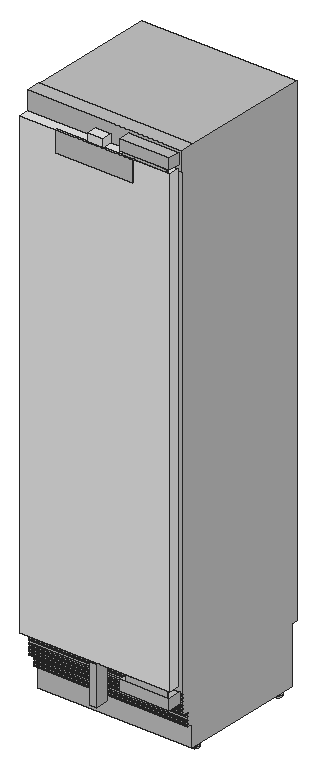
Revit family "FP_Revit_18_RS2484SRHK1_Fridge_90001063A", category Specialty Equipment, Revit 2018
Family settings
  Round Connector Dimension = Use Diameter
  Part Type = Normal
  OmniClass Number = 23.40.40.11.11
  OmniClass Title = Refrigerators and Freezers
  Work Plane-Based = No
  Always vertical = Yes
  Cut with Voids When Loaded = Yes
  Shared = No
  Room Calculation Point = No
Parameters (values of type "RS2484SRK1")
  Visibility - Water Connection = no
  Visibility - Visibility Control Note = yes
  Visibility - Clearance Required = yes
  URL = "www.fisherpaykel.com"
  Stainless Steel Door Panels (RD2484R4D) = no
  Product - Width = 603 mm  # constant formula
  Product - Height = 2134 mm  # constant formula
  Product - Depth (exl front panel) = 610 mm  # constant formula
  Model = "RS2484SRK1"
  Material - Handle = Fisher & Paykel - Aluminium
  Material - Door Structure = Fisher & Paykel - White
  Material - Door Front = Fisher & Paykel - Stainless Steel
  Material - Body = Fisher & Paykel - Grey
  Manufacturer = "Fisher & Paykel Appliances"
  Handle Style - Professional Square (AHV2-RD84) = no
  Handle Style - Professional Round (AHC-RD84) = no
  Handle Style - Contemporary Square (AHD3-RD84) = no
  Handle Style - Contemporary Round (AHS-RD84) = no
  Description = "24\" Integrated Column Refrigerator with stainless steel interior"
  Connector Description - Water = "Water Supply not required"
  Connector Description - Electrical = "120 V, 10 amp fused electrical supply"
  Cavity - Width = 610 mm  # constant formula
  Cavity - Height = 2134 mm  # constant formula
  Cavity - Depth = 635 mm  # constant formula
Types (4, lengths in mm): name | Visibility - Water Connection | Model | Description | Connector Description - Water
  (no name) | no | "RS2484SRK1" | "24\" Integrated Column Refrigerator with stainless steel interior" | "Water Supply not required"
  RS2484SRHK1 | yes | "RS2484SRHK1" | "24\" Integrated Column Refrigerator with internal water, stainless steel interior" | "1/4\" (6mm) comp. stainless steel braided hose"
  RS2484SR1 | no | "RS2484SR1" | "24\" Integrated Column Refrigerator" | "Water Supply not required"
  RS2484SRK1 | no | "RS2484SRK1" | "24\" Integrated Column Refrigerator with stainless steel interior" | "Water Supply not required"
Reference planes
  plane 1 "Datum": y = 0
  plane 2: z = 0
  plane 3 "Center (Left/Right)": x = 0
  plane 4 "Product LHS": x = -301.5
  plane 5 "Product RHS": x = 301.5
  plane 6 "Product - Depth": y = 610
  plane 7 "Cavity LHS": x = -305
  plane 8 "Cavity RHS": x = 305
  plane 9 "Cavity - Depth": y = 612.9
  plane 10 "Handle Offset": x = -238.5
  plane 11 "Product Height": z = 2134
  plane 12 "Cavity Height": z = 2134
  plane 13 "Door Panel Datum": y = -4.1
Forms (mm)
  Extrusion 1, solid, material "Fisher & Paykel - Grey" <- "Material - Body", detail levels fine
    sketch origin (0, 0, 0) x (0, 1, 0) y (0, 0, 1)
      loop
        line (100.1, 19.1) -> (587.9, 19.1) -> (587.9, 239.7) -> (610, 239.7) -> (610, 2131.9) -> (105.1, 2131.9) -> (105.1, 2134) -> (49.9, 2134) -> (49.9, 2059) -> (56, 2059) -> (56, 228.6) -> (59.5, 228.6) -> (59.5, 219.7) -> (56.5, 219.7) -> (56.5, 215.9) -> (59.5, 215.9) -> (59.5, 207) -> (56.5, 207) -> (56.5, 203.2) -> (59.5, 203.2) -> (59.5, 194.3) -> (56.5, 194.3) -> (56.5, 190.5) -> (59.5, 190.5) -> (59.5, 181.6) -> (56.5, 181.6) -> (56.5, 177.8) -> (59.5, 177.8) -> (59.5, 168.9) -> (56.5, 168.9) -> (56.5, 165.1) -> (59.5, 165.1) -> (59.5, 156.2) -> (56.5, 156.2) -> (56.5, 152.4) -> (84.1, 152.4) -> (84.1, 143.5) -> (81.1, 143.5) -> (81.1, 139.7) -> (84.1, 139.7) -> (84.1, 130.8) -> (81.1, 130.8) -> (81.1, 127) -> (84.1, 127) -> (84.1, 118.1) -> (81.1, 118.1) -> (81.1, 114.3) -> (84.1, 114.3) -> (84.1, 105.4) -> (81.1, 105.4) -> (81.1, 101.6) -> (100.1, 101.6) -> (100.1, 19.1)
    from -301.5 to 301.5
  Extrusion 2, solid, material "Fisher & Paykel - Grey" <- "Material - Body"
    sketch origin (0, 0, 0) x (1, 0, 0) y (0, 1, 0)
      loop
        circle (-281, 547.8) r 4.1
      loop
        circle (-281, 141.8) r 4.1
      loop
        circle (281, 547.8) r 4.1
      loop
        circle (281, 141.8) r 4.1
    from 3 to 19.1
  Extrusion 3, solid, material "Fisher & Paykel - Grey" <- "Material - Body"
    sketch origin (0, 0, 0) x (1, 0, 0) y (0, 1, 0)
      loop
        circle (-281, 547.8) r 14.5
      loop
        circle (-281, 141.8) r 14.555
      loop
        circle (281, 547.8) r 14.5
      loop
        circle (281, 141.8) r 14.555
    from 0 to 3
  Extrusion 4, solid, material "Fisher & Paykel - Grey" <- "Material - Body", detail levels fine
    sketch origin (0, 0, 0) x (1, 0, 0) y (0, 1, 0)
      loop
        line (-7.5, 49) -> (-13.797, -4.1) -> (13.797, -4.1) -> (7.5, 49) -> (-7.5, 49)
    from 104.2 to 254.2
  Extrusion 5, solid, material "Fisher & Paykel - Grey" <- "Material - Body", detail levels fine
    sketch origin (0, 0, 0) x (1, 0, 0) y (0, 0, 1)
      loop
        line (289.9, 2123.15) -> (95.42, 2123.15) -> (95.42, 2081.05) -> (289.9, 2081.05) -> (289.9, 2123.15)
    from -49 to -2.5
  Extrusion 6, solid, material "Fisher & Paykel - Grey" <- "Material - Body", detail levels fine
    sketch origin (0, 0, 0) x (0, 1, 0) y (0, 0, 1)
      loop
        line (0, 2070.6) -> (0, 1988.6) -> (2, 1988.6) -> (2, 2068.6) -> (4, 2068.6) -> (4, 2070.6) -> (0, 2070.6)
    from -150 to 150
  Extrusion 7, solid, material "Fisher & Paykel - Grey" <- "Material - Body"
    sketch origin (0, 0, 0) x (1, 0, 0) y (0, 0, 1)
      loop
        circle (226.5, 119.813) r 5
      loop
        circle (-226.5, 119.813) r 5
    from -590 to -587.9
  Extrusion 8, solid, material "Fisher & Paykel - White" <- "Material - Door Structure"
    sketch origin (0, 0, 0) x (1, 0, 0) y (0, 1, 0)
      loop
        line (-276.5, 56) -> (-276.5, 42) -> (276.5, 42) -> (276.5, 56) -> (-276.5, 56)
    from 269.6 to 2030.7
  Extrusion 9, solid, material "Fisher & Paykel - White" <- "Material - Door Structure"
    sketch origin (0, 0, 0) x (1, 0, 0) y (0, 1, 0)
      loop
        line (-292.9, 42) -> (-292.9, 3) -> (292.9, 3) -> (292.9, 42) -> (-292.9, 42)
    from 254.2 to 2068.6
  Extrusion 10, solid, material "Fisher & Paykel - White" <- "Material - Door Structure", detail levels fine
    sketch origin (0, 0, 0) x (1, 0, 0) y (0, 0, 1)
      loop
        line (-29.5, 2100.1) -> (-29.5, 2068.6) -> (29.5, 2068.6) -> (29.5, 2100.1) -> (-29.5, 2100.1)
    from -42 to -3
  Extrusion 11, solid, material "Fisher & Paykel - Stainless Steel" <- "Material - Door Front", visible <- "Stainless Steel Door Panels (RD2484R4D)"
    sketch origin (0, 0, 0) x (0, 1, 0) y (0, 0, 1)
      loop
        line (-22.1, 2130.8) -> (-22.1, 102) -> (-4.1, 102) -> (-4.1, 2130.8) -> (-22.1, 2130.8)
    from -301.5 to 301.5
  Extrusion 12, solid, material "Fisher & Paykel - Grey" <- "Material - Body", detail levels coarse+medium
    sketch origin (0, 0, 0) x (0, 1, 0) y (0, 0, 1)
      loop
        line (49.9, 2134) -> (49.9, 2059) -> (56, 2059) -> (56, 152.4) -> (81.1, 152.4) -> (81.1, 101.6) -> (100.1, 101.6) -> (100.1, 19.1) -> (587.9, 19.1) -> (587.9, 239.7) -> (610, 239.7) -> (610, 2134) -> (49.9, 2134)
    from -301.5 to 301.5
  Extrusion 13, solid, material "Fisher & Paykel - Clearance Required", visible <- "Visibility - Clearance Required", detail levels coarse
    sketch origin (0, 0, 0) x (1, 0, 0) y (0, 1, 0)
      loop
        arc (-301.5, -22.1) -> (-13.376, -547.171) -> (584.28, -586.183) r 622.5
        line (584.28, -586.183) -> (565.051, -544.946) -> (589.549, -533.523)
        arc (589.549, -533.523) -> (598.013, -510.267) -> (574.757, -501.802) r 17.5
        line (574.757, -501.802) -> (550.259, -513.225) -> (329.441, -39.678)
        arc (329.441, -39.678) -> (310.616, -38.605) -> (301.5, -22.1) r 19.5
        line (301.5, -22.1) -> (-301.5, -22.1)
    from 0 to 2134
  Extrusion 14, solid, material "Fisher & Paykel - Grey" <- "Material - Body", detail levels fine
    sketch origin (0, 0, 0) x (1, 0, 0) y (0, 0, 1)
      loop
        line (289.9, 187.65) -> (289.9, 229.75) -> (95.42, 229.75) -> (95.42, 187.65) -> (289.9, 187.65)
    from -56 to -2.5
  Extrusion 15, solid, material "Fisher & Paykel - Grey" <- "Material - Body", detail levels fine
    sketch origin (0, 0, -4) x (0, 1, 0) y (0, 0, 1)
      loop
        arc (163.888, 23.1) -> (180.4, 13.63) -> (196.912, 23.1) r 19.13
        line (196.912, 23.1) -> (163.888, 23.1)
      loop
        arc (493.888, 23.1) -> (510.4, 13.63) -> (526.912, 23.1) r 19.13
        line (526.912, 23.1) -> (493.888, 23.1)
    from 191 to 219
  Extrusion 16, solid, material "Fisher & Paykel - Grey" <- "Material - Body", detail levels fine
    sketch origin (0, 0, -4) x (0, 1, 0) y (0, 0, -1)
      loop
        line (163.888, -23.1) -> (196.912, -23.1)
        arc (196.912, -23.1) -> (180.4, -13.63) -> (163.888, -23.1) r 19.13
      loop
        line (493.888, -23.1) -> (526.912, -23.1)
        arc (526.912, -23.1) -> (510.4, -13.63) -> (493.888, -23.1) r 19.13
    from 191 to 219
  Extrusion 17, solid, material "Fisher & Paykel - Clearance Required", visible <- "Visibility - Clearance Required", detail levels coarse
    sketch origin (0, 0, 0) x (1, 0, 0) y (0, 1, 0)
      loop
        line (-305, 612.9) -> (-305, -4.1) -> (305, -4.1) -> (305, 612.9) -> (-305, 612.9)
    from 0 to 2134
  Extrusion 18, void
    sketch origin (0, 0, 0) x (1, 0, 0) y (0, 1, 0)
      loop
        line (-305, 612.9) -> (-305, -22.1) -> (305, -22.1) -> (305, 612.9) -> (-305, 612.9)
    from 0 to 2134
  Extrusion 19, solid, material "Fisher & Paykel - Grey" <- "Material - Body", detail levels fine
    sketch origin (0, 0, 0) x (1, 0, 0) y (0, 0, 1)
      loop
        line (118.4, 254.2) -> (118.4, 229.75) -> (282.9, 229.75) -> (282.9, 254.2) -> (118.4, 254.2)
      loop
        line (106, 2081.05) -> (106, 2068.6) -> (282.9, 2068.6) -> (282.9, 2076.05) -> (242.9, 2081.05) -> (106, 2081.05)
    from -7 to -4
Lines and regions (mm)
  model lines, style "Fisher & Paykel"
    curve 1: line (-301.5, -4.1, 2130.8) -> (301.5, -4.1, 2130.8)
    curve 2: line (-301.5, -4.1, 102) -> (-301.5, -4.1, 2130.8)
    curve 3: line (301.5, -4.1, 102) -> (-301.5, -4.1, 102)
    curve 4: line (301.5, -4.1, 2130.8) -> (301.5, -4.1, 102)
Text (mm)
  text "Due to ongoing product development, product details are subject to change without notice. \nPlease always refer to www.fisherpaykel.com for the most current product information. \n© Fisher & Paykel 2020" at (41.04, -678.295, 0), in view "Ref. Level (Plan)"
Dimensions and locks
  equal spacing: plane 4 "Product LHS", plane 3 "Center (Left/Right)", plane 5 "Product RHS"
  "Product - Width": plane 4 "Product LHS" to plane 5 "Product RHS"
  "Product - Depth (exl front panel)": plane 1 "Datum" to plane 6 "Product - Depth"
  equal spacing: plane 7 "Cavity LHS", plane 3 "Center (Left/Right)", plane 8 "Cavity RHS"
  "Cavity - Width": plane 7 "Cavity LHS" to plane 8 "Cavity RHS"
  plane 4 "Product LHS" to Extrusion 2 sketch curve = 24.6 mm
  plane 4 "Product LHS" to plane 10 "Handle Offset" = 63 mm
  Extrusion 7 sketch curve to Extrusion 1 = 119.887 mm  (x2)
  Extrusion 7 sketch curve to plane 5 "Product RHS" = 75 mm
  plane 4 "Product LHS" to Extrusion 7 sketch curve = 75 mm
  Extrusion 1 sketch curve to Extrusion 1 sketch curve = 82.5 mm
  Extrusion 1 sketch curve to Extrusion 1 sketch curve = 209.5 mm
  Extrusion 3 to level = 3 mm
  Extrusion 12 to Extrusion 9 = 235.1 mm
  Extrusion 12 to Extrusion 8 = 250.5 mm
  Extrusion 12 to Extrusion 12 = 2114.9 mm
  Extrusion 12 to Extrusion 11 = 82.9 mm
  "Product - Height": level to plane 11 "Product Height"
  plane 11 "Product Height" to Extrusion 11 = 3.2 mm
  Extrusion 9 to plane 11 "Product Height" = 65.4 mm
  Extrusion 8 to plane 11 "Product Height" = 103.3 mm
  Extrusion 12 sketch curve to plane 11 "Product Height" = 75 mm
  Extrusion 1 sketch curve to plane 11 "Product Height" = 2.1 mm
  Extrusion 1 sketch curve to plane 11 "Product Height" = 75 mm
  "Cavity - Height": plane 12 "Cavity Height" to level
  plane 1 "Datum" to Extrusion 17 = 612.9 mm
  plane 1 "Datum" to Extrusion 18 = 612.9 mm
  Extrusion 19 sketch curve to Extrusion 19 sketch curve = 40 mm
  Extrusion 19 sketch curve to plane 3 "Center (Left/Right)" = 106 mm
  Extrusion 19 sketch curve to Extrusion 19 sketch curve = 176.9 mm
  Extrusion 19 sketch curve to plane 3 "Center (Left/Right)" = 118.4 mm
  plane 3 "Center (Left/Right)" to Extrusion 19 sketch curve = 282.9 mm
  Extrusion 18 to plane 1 "Datum" = 22.1 mm
  "Cavity - Depth": plane 9 "Cavity - Depth" to Extrusion 18
  radius of Extrusion 7 sketch curve = 5 mm
  aligned and locked: level to plane 2
  aligned and locked: Extrusion 11 to plane 5 "Product RHS"
  aligned and locked: plane 4 "Product LHS" to Extrusion 11
  aligned and locked: Extrusion 12 to plane 5 "Product RHS"
  aligned and locked: Extrusion 12 to plane 4 "Product LHS"
  aligned and locked: Extrusion 12 sketch curve to plane 11 "Product Height"
  aligned and locked: plane 11 "Product Height" to Extrusion 1 sketch curve
  aligned and locked: Extrusion 15 sketch curve to Extrusion 15 sketch curve
  aligned and locked: Extrusion 16 sketch curve to Extrusion 16 sketch curve
  aligned and locked: Extrusion 17 to Extrusion 13
  aligned and locked: Extrusion 18 to Extrusion 13
  aligned and locked: Extrusion 1 to plane 5 "Product RHS"
  aligned and locked: plane 4 "Product LHS" to Extrusion 1
  aligned and locked: Extrusion 2 to Extrusion 1
  aligned and locked: nested 5 to plane 10 "Handle Offset"
  aligned and locked: nested 4 to plane 10 "Handle Offset"
  aligned and locked: nested 3 to plane 10 "Handle Offset"
  aligned and locked: nested 2 to plane 10 "Handle Offset"
Automatic sketch dimensions
  Extrusion 2 sketch curve to plane 4 "Product LHS" = 20.5 mm  (x2)
  plane 5 "Product RHS" to Extrusion 2 sketch curve = 20.5 mm  (x2)
  Extrusion 2 sketch curve to plane 1 "Datum" = 141.8 mm  (x2)
  Extrusion 2 sketch curve to plane 6 "Product - Depth" = 62.2 mm  (x2)
  Extrusion 3 sketch curve to plane 4 "Product LHS" = 20.5 mm  (x2)
  plane 5 "Product RHS" to Extrusion 3 sketch curve = 20.5 mm  (x2)
  Extrusion 3 sketch curve to plane 1 "Datum" = 141.8 mm  (x2)
  Extrusion 3 sketch curve to plane 6 "Product - Depth" = 62.2 mm  (x2)
  plane 1 "Datum" to Extrusion 4 sketch curve = 4.1 mm
  Extrusion 4 sketch curve to plane 3 "Center (Left/Right)" = 13.797 mm
  Extrusion 4 sketch curve to plane 3 "Center (Left/Right)" = 7.5 mm
  plane 3 "Center (Left/Right)" to Extrusion 4 sketch curve = 7.5 mm
  plane 3 "Center (Left/Right)" to Extrusion 4 sketch curve = 13.797 mm
  Extrusion 4 sketch curve to plane 1 "Datum" = 49 mm
  plane 11 "Product Height" to Extrusion 5 sketch curve = 10.85 mm
  plane 3 "Center (Left/Right)" to Extrusion 5 sketch curve = 95.42 mm
  plane 5 "Product RHS" to Extrusion 5 sketch curve = 11.6 mm
  Extrusion 5 sketch curve to Extrusion 5 sketch curve = 42.1 mm
  Extrusion 6 sketch curve to plane 1 "Datum" = 0 mm
  Extrusion 6 sketch curve to plane 1 "Datum" = 2 mm
  Extrusion 6 sketch curve to Extrusion 6 sketch curve = 2 mm  (x2)
  plane 11 "Product Height" to Extrusion 6 sketch curve = 145.4 mm
  plane 11 "Product Height" to Extrusion 6 sketch curve = 65.4 mm
  Extrusion 8 sketch curve to plane 4 "Product LHS" = 25 mm
  plane 5 "Product RHS" to Extrusion 8 sketch curve = 25 mm
  Extrusion 8 sketch curve to plane 1 "Datum" = 42 mm
  Extrusion 8 sketch curve to Extrusion 8 sketch curve = 14 mm
  Extrusion 9 sketch curve to plane 1 "Datum" = 3 mm
  Extrusion 9 sketch curve to plane 4 "Product LHS" = 8.6 mm
  plane 5 "Product RHS" to Extrusion 9 sketch curve = 8.6 mm
  Extrusion 9 sketch curve to Extrusion 9 sketch curve = 39 mm
  Extrusion 10 sketch curve to plane 3 "Center (Left/Right)" = 29.5 mm
  plane 3 "Center (Left/Right)" to Extrusion 10 sketch curve = 29.5 mm
  plane 11 "Product Height" to Extrusion 10 sketch curve = 65.4 mm
  Extrusion 10 sketch curve to Extrusion 10 sketch curve = 31.5 mm
  plane 1 "Datum" to Extrusion 11 sketch curve = 22.1 mm
  plane 1 "Datum" to Extrusion 11 sketch curve = 4.1 mm
  level to Extrusion 11 sketch curve = 102 mm
  plane 11 "Product Height" to Extrusion 11 sketch curve = 3.2 mm
  Extrusion 13 sketch curve to Extrusion 13 sketch curve = 0 mm  (x2)
  Extrusion 13 sketch curve to plane 4 "Product LHS" = 0 mm
  Extrusion 13 sketch curve to plane 5 "Product RHS" = 0 mm
  Extrusion 13 sketch curve to plane 8 "Cavity RHS" = 16 mm
  Extrusion 13 sketch curve to Extrusion 13 sketch curve = 8.441 mm
  Extrusion 13 sketch curve to plane 8 "Cavity RHS" = 245.259 mm
  Extrusion 13 sketch curve to Extrusion 13 sketch curve = 14.792 mm
  Extrusion 13 sketch curve to Extrusion 13 sketch curve = 24.498 mm
  Extrusion 13 sketch curve to Extrusion 13 sketch curve = 7.396 mm  (x2)
  Extrusion 13 sketch curve to Extrusion 13 sketch curve = 19.229 mm
  plane 1 "Datum" to Extrusion 13 sketch curve = 586.183 mm
  Extrusion 13 sketch curve to Extrusion 13 sketch curve = 41.237 mm
  Extrusion 13 sketch curve to Extrusion 13 sketch curve = 15.86 mm
  plane 3 "Center (Left/Right)" to Extrusion 14 sketch curve = 95.42 mm
  plane 5 "Product RHS" to Extrusion 14 sketch curve = 11.6 mm
  level to Extrusion 14 sketch curve = 187.65 mm
  Extrusion 14 sketch curve to Extrusion 14 sketch curve = 42.1 mm
  Extrusion 15 sketch curve to plane 1 "Datum" = 163.888 mm
  Extrusion 15 sketch curve to Extrusion 15 sketch curve = 16.512 mm  (x2)
  Extrusion 15 sketch curve to plane 6 "Product - Depth" = 116.112 mm
  Extrusion 15 sketch curve to Extrusion 15 sketch curve = 9.66 mm  (x2)
  Extrusion 16 sketch curve to plane 1 "Datum" = 163.888 mm
  Extrusion 16 sketch curve to Extrusion 16 sketch curve = 16.512 mm  (x2)
  Extrusion 16 sketch curve to plane 6 "Product - Depth" = 116.112 mm
  Extrusion 16 sketch curve to Extrusion 16 sketch curve = 9.66 mm  (x2)
  Extrusion 17 sketch curve to plane 7 "Cavity LHS" = 0 mm
  Extrusion 17 sketch curve to plane 8 "Cavity RHS" = 0 mm
  Extrusion 17 sketch curve to plane 9 "Cavity - Depth" = 0 mm
  plane 1 "Datum" to Extrusion 17 sketch curve = 4.1 mm
  Extrusion 18 sketch curve to plane 7 "Cavity LHS" = 0 mm
  Extrusion 18 sketch curve to plane 8 "Cavity RHS" = 0 mm
  plane 9 "Cavity - Depth" to Extrusion 18 sketch curve = 0 mm
  plane 1 "Datum" to Extrusion 18 sketch curve = 22.1 mm
  level to Extrusion 19 sketch curve = 229.75 mm
  Extrusion 19 sketch curve to Extrusion 19 sketch curve = 24.45 mm
  plane 11 "Product Height" to Extrusion 19 sketch curve = 65.4 mm
  Extrusion 19 sketch curve to Extrusion 19 sketch curve = 7.45 mm
  Extrusion 19 sketch curve to Extrusion 19 sketch curve = 5 mm
  Extrusion 12 sketch curve to plane 6 "Product - Depth" = 0 mm
  Extrusion 12 sketch curve to plane 6 "Product - Depth" = 22.1 mm
  Extrusion 12 sketch curve to plane 1 "Datum" = 100.1 mm
  Extrusion 12 sketch curve to Extrusion 12 sketch curve = 19 mm
  Extrusion 12 sketch curve to plane 1 "Datum" = 56 mm
  Extrusion 12 sketch curve to plane 1 "Datum" = 49.9 mm
  level to Extrusion 12 sketch curve = 152.4 mm
  Extrusion 12 sketch curve to Extrusion 12 sketch curve = 50.8 mm
  level to Extrusion 12 sketch curve = 19.1 mm
  Extrusion 12 sketch curve to Extrusion 12 sketch curve = 220.6 mm
  level to Extrusion 15 sketch curve = 19.1 mm
  level to Extrusion 16 sketch curve = 28.76 mm
  Extrusion 1 sketch curve to plane 6 "Product - Depth" = 0 mm
  Extrusion 1 sketch curve to Extrusion 1 sketch curve = 22.1 mm
  Extrusion 1 sketch curve to plane 1 "Datum" = 105.1 mm
  level to Extrusion 1 sketch curve = 19.1 mm
  Extrusion 1 sketch curve to plane 1 "Datum" = 100.1 mm
  Extrusion 1 sketch curve to Extrusion 1 sketch curve = 16 mm
  Extrusion 1 sketch curve to Extrusion 1 sketch curve = 0 mm  (x8)
  Extrusion 1 sketch curve to Extrusion 1 sketch curve = 3 mm  (x10)
  Extrusion 1 sketch curve to plane 1 "Datum" = 59.5 mm
  Extrusion 1 sketch curve to plane 1 "Datum" = 56 mm
  Extrusion 1 sketch curve to plane 1 "Datum" = 49.9 mm
  Extrusion 1 sketch curve to Extrusion 1 sketch curve = 3.8 mm  (x10)
  Extrusion 1 sketch curve to Extrusion 1 sketch curve = 8.9 mm  (x9)
  Extrusion 1 sketch curve to Extrusion 1 sketch curve = 220.6 mm
  plane 5 "Product RHS" to curve 1 = 0 mm
  plane 4 "Product LHS" to curve 3 = 0 mm
  level to curve 3 = 102 mm
  plane 11 "Product Height" to curve 2 = 3.2 mm
  radius of Extrusion 2 sketch curve = 4.1 mm  (x3)
  radius of Extrusion 3 sketch curve = 14.5 mm  (x2)
  radius of Extrusion 3 sketch curve = 14.555 mm  (x2)
  radius of Extrusion 7 sketch curve = 5 mm
Nested families
  nested 1: "Visibility Control Note 18" at (0, 0, 0), visible <- "Visibility - Visibility Control Note", type "Visibility Control Note 18"
  nested 2: "Handle Contemporary Round - Vertical" at (-238.5, -22.1, 1242.58), visible <- "Handle Style - Contemporary Round (AHS-RD84)", type "AHS-RD84 - Contemporary round handle (Vertical) 852mm"
  nested 3: "Handle Contemporary Square - Vertical" at (-238.5, -22.1, 1242.58), visible <- "Handle Style - Contemporary Square (AHD3-RD84)", type "AHD3-RD84 - Contemporary square handle (Vertical) 852mm"
  nested 4: "Handle Professional Round - Vertical" at (-238.5, -22.1, 1242.58), visible <- "Handle Style - Professional Round (AHC-RD84)", type "AHC-RD84 - Professional round handle (Vertical) 786mm"
  nested 5: "Handle Professional Square - Vertical" at (-238.5, -22.1, 1242.58), visible <- "Handle Style - Professional Square (AHV2-RD84)", type "AHV2-RD84 - Professional square handle (Vertical) 792mm"
Connectors
  electrical at (-226.5, 590, 119.813), driven by "Connector Description - Electrical"
    settings: on Extrusion 7, index 1, voltage 120 V, apparent load 0 VA, apparent load phase1 0 VA, apparent load phase2 0 VA, apparent load phase3 0 VA, power factor 1, load classification "Other", number of poles 1, system type 30, power factor state 1, is connector primary yes, connector utility no, sub classification motor no, connector description "120 V, 10 amp fused electrical supply"
  piping at (226.5, 590, 119.813), diameter 12.7, driven by "Visibility - Water Connection", driven by "Connector Description - Water"
    settings: on Extrusion 7, index 2, connector inside diameter 609.6 mm, connector length 0 mm, flow factor 0, pipe flow 0.0 L/s, pressure drop 0.0 Pa, fitting loss kfactor 0, connector angle 0.00°, fixture units 0, engagement length 0 mm, angle of deflection 0.00°, flow configuration 0, flow direction 1, fitting loss method 0, system type 20, joint type 0, gender type 0, connector reference index -1, connector utility 0, adjustable connector no, is connector primary yes, connector description "Water Supply not required"
Definition of nested family "Handle Contemporary Round - Vertical"
  Parameters (values of type "AHSRS80A - Contemporary round handle (1 of 2) (Vertical) 727mm")
    URL = "www.fisherpaykel.com"
    Material - Handle = none
    Manufacturer = "Fisher & Paykel Appliances"
    Handle - Length = 727 mm
  Types (6, lengths in mm): name | Handle - Length
    AHS-RD21 - Contemporary round handle (Vertical) 852mm | 852
    AHSRD2484W - Contemporary round handle (1 of 2) (Vertical) 727mm | 727
    AHSRD3084W - Contemporary round handle (1 of 2) (Vertical) 727mm | 727
    AHS-RD84 - Contemporary round handle (Vertical) 852mm | 852
    AHSRS3272A - Contemporary round handle (1 of 2) (Vertical) 727mm | 727
    AHSRS80A - Contemporary round handle (1 of 2) (Vertical) 727mm | 727
  Reference planes
    plane 1 "Center (Front/Back)": y = 0
    plane 2: z = 0
    plane 3 "Center (Left/Right)": x = 0
    plane 4 "Top": z = 363.5
    plane 5 "Bottom": z = -363.5
    plane 6 "Top Standoff": z = 243.5
    plane 7 "Bottom Standoff": z = -243.5
  Forms (mm)
    Extrusion 1, solid, material <- "Material - Handle"
      sketch origin (0, 0, 0) x (1, 0, 0) y (0, 1, 0)
        loop
          circle (0, -32.3) r 8.7
      from -243.5 to 243.5
    Extrusion 2, solid, material <- "Material - Handle", detail levels fine
      sketch origin (0, 0, 0) x (1, 0, 0) y (0, 1, 0)
        loop
          line (-8.7, 0) -> (-8.7, -32.3)
          arc (-8.7, -32.3) -> (0, -41) -> (8.7, -32.3) r 8.7
          line (8.7, -32.3) -> (8.7, 0) -> (-8.7, 0)
      from 243.5 to 363.5
    Extrusion 3, solid, material <- "Material - Handle", detail levels fine
      sketch origin (0, 0, 0) x (1, 0, 0) y (0, 1, 0)
        loop
          line (-8.7, 0) -> (-8.7, -32.3)
          arc (-8.7, -32.3) -> (0, -41) -> (8.7, -32.3) r 8.7
          line (8.7, -32.3) -> (8.7, 0) -> (-8.7, 0)
      from -363.5 to -243.5
    Sweep 4, void
      path in 3D
        loop
          line (8.7, 0, -363.5) -> (8.7, -32.3, -363.5)
          arc (8.7, -32.3, -363.5) -> (0, -41, -363.5) -> (-8.7, -32.3, -363.5) r 8.7
          line (-8.7, -32.3, -363.5) -> (-8.7, 0, -363.5)
      profile origin (8.7, -16.15, -363.5) x (-1, 0, 0) y (0, 0, -1)
        loop
          line (0, 0) -> (0, -1) -> (1, 0) -> (0, 0)
    Sweep 5, void
      path in 3D
        loop
          line (-8.7, 0, 363.5) -> (-8.7, -32.3, 363.5)
          arc (-8.7, -32.3, 363.5) -> (0, -41, 363.5) -> (8.7, -32.3, 363.5) r 8.7
          line (8.7, -32.3, 363.5) -> (8.7, 0, 363.5)
      profile origin (8.7, -16.15, 363.5) x (-1, 0, 0) y (0, 0, 1)
        loop
          line (0, 0) -> (0, -1) -> (1, 0) -> (0, 0)
    Extrusion 6, solid, material <- "Material - Handle", detail levels coarse+medium
      sketch origin (0, 0, 0) x (1, 0, 0) y (0, 1, 0)
        loop
          line (-8.7, 0) -> (-8.7, -32.3)
          arc (-8.7, -32.3) -> (0, -41) -> (8.7, -32.3) r 8.7
          line (8.7, -32.3) -> (8.7, 0) -> (-8.7, 0)
      from 243.5 to 363.5
    Extrusion 7, solid, material <- "Material - Handle", detail levels coarse+medium
      sketch origin (0, 0, 0) x (1, 0, 0) y (0, 1, 0)
        loop
          line (-8.7, 0) -> (-8.7, -32.3)
          arc (-8.7, -32.3) -> (0, -41) -> (8.7, -32.3) r 8.7
          line (8.7, -32.3) -> (8.7, 0) -> (-8.7, 0)
      from -363.5 to -243.5
  Cuts and joins
    Sweep 4 cuts Extrusion 3
    Sweep 5 cuts Extrusion 2
  Lines and regions (mm)
    sketch lines
      curve 1: line (8.7, 0, -363.5) -> (8.7, -32.3, -363.5)
      curve 2: arc (-8.7, -32.3, -363.5) -> (0, -41, -363.5) -> (8.7, -32.3, -363.5) r 8.7
      curve 3: line (-8.7, -32.3, -363.5) -> (-8.7, 0, -363.5)
      curve 4: line (8.7, -32.3, 363.5) -> (8.7, 0, 363.5)
      curve 5: arc (8.7, -32.3, 363.5) -> (0, -41, 363.5) -> (-8.7, -32.3, 363.5) r 8.7
      curve 6: line (-8.7, 0, 363.5) -> (-8.7, -32.3, 363.5)
  Dimensions and locks
    equal spacing: plane 4 "Top", level, plane 5 "Bottom"
    "Handle - Length": plane 4 "Top" to plane 5 "Bottom"
    locked: plane 4 "Top" to plane 6 "Top Standoff" at 120
    locked: plane 7 "Bottom Standoff" to plane 5 "Bottom" at 120
    Extrusion 2 sketch curve to Extrusion 2 sketch curve = 17.4 mm
    Extrusion 3 sketch curve to Extrusion 3 sketch curve = 17.4 mm
    Extrusion 6 sketch curve to Extrusion 6 sketch curve = 17.4 mm
    Extrusion 7 sketch curve to Extrusion 7 sketch curve = 17.4 mm
    aligned and locked: level to plane 2
    aligned and locked: plane 4 "Top" to Extrusion 2
    aligned and locked: Extrusion 3 to plane 5 "Bottom"
    aligned and locked: plane 7 "Bottom Standoff" to Extrusion 3
    aligned and locked: Extrusion 1 to plane 7 "Bottom Standoff"
    aligned and locked: plane 6 "Top Standoff" to Extrusion 1
    aligned and locked: Extrusion 2 to Extrusion 1
    aligned and locked: Extrusion 6 to Extrusion 1
    aligned and locked: plane 4 "Top" to Extrusion 6
    aligned and locked: Extrusion 7 to Extrusion 1
    aligned and locked: Extrusion 7 to plane 5 "Bottom"
  Automatic sketch dimensions
    Extrusion 1 sketch curve to plane 3 "Center (Left/Right)" = 0 mm
    plane 1 "Center (Front/Back)" to Extrusion 1 sketch curve = 32.3 mm
    plane 1 "Center (Front/Back)" to Extrusion 2 sketch curve = 0 mm
    Extrusion 2 sketch curve to plane 3 "Center (Left/Right)" = 0 mm
    Extrusion 2 sketch curve to plane 3 "Center (Left/Right)" = 8.7 mm
    plane 1 "Center (Front/Back)" to Extrusion 2 sketch curve = 32.3 mm
    plane 1 "Center (Front/Back)" to Extrusion 3 sketch curve = 0 mm
    Extrusion 3 sketch curve to plane 3 "Center (Left/Right)" = 0 mm
    Extrusion 3 sketch curve to plane 3 "Center (Left/Right)" = 8.7 mm
    plane 1 "Center (Front/Back)" to Extrusion 3 sketch curve = 32.3 mm
    Sweep 4 sketch curve to profile plane = 0 mm  (x2)
    Sweep 4 sketch curve to profile plane = 1 mm  (x2)
    Sweep 5 sketch curve to profile plane = 0 mm  (x2)
    Sweep 5 sketch curve to profile plane = 1 mm  (x2)
    Extrusion 6 sketch curve to plane 3 "Center (Left/Right)" = 0 mm
    Extrusion 6 sketch curve to plane 3 "Center (Left/Right)" = 8.7 mm
    plane 1 "Center (Front/Back)" to Extrusion 6 sketch curve = 32.3 mm
    Extrusion 6 sketch curve to Extrusion 6 sketch curve = 32.3 mm
    Extrusion 7 sketch curve to plane 3 "Center (Left/Right)" = 0 mm
    Extrusion 7 sketch curve to plane 3 "Center (Left/Right)" = 8.7 mm
    plane 1 "Center (Front/Back)" to Extrusion 7 sketch curve = 32.3 mm
    Extrusion 7 sketch curve to Extrusion 7 sketch curve = 32.3 mm
    radius of Extrusion 1 sketch curve = 8.7 mm
Definition of nested family "Handle Contemporary Square - Vertical"
  Parameters (values of type "AHD3RS80A - Contemporary square handle (1 of 2) (Vertical) 727mm")
    URL = "www.fisherpaykel.com"
    Material - Handle = none
    Manufacturer = "Fisher & Paykel Appliances"
    Handle - Length = 727 mm
  Types (7, lengths in mm): name | Handle - Length
    (no name) | 727
    AHD3-RD21 - Contemporary square handle (Vertical) 852mm | 852
    AHD3RD2484W - Contemporary square handle (1 of 2) (Vertical) 727mm | 727
    AHD3RD3084W - Contemporary square handle (1 of 2) (Vertical) 727mm | 727
    AHD3-RD84 - Contemporary square handle (Vertical) 852mm | 852
    AHD3RS3272A - Contemporary square handle (1 of 2) (Vertical) 727mm | 727
    AHD3RS80A - Contemporary square handle (1 of 2) (Vertical) 727mm | 727
  Reference planes
    plane 1 "Center (Front/Back)": y = 0
    plane 2: z = 0
    plane 3 "Center (Left/Right)": x = 0
    plane 4 "Top": z = 363.5
    plane 5 "Bottom": z = -363.5
    plane 6 "Top Standoff": z = 243.5
    plane 7 "Bottom Standoff": z = -243.5
  Forms (mm)
    Extrusion 1, solid, material <- "Material - Handle", detail levels fine
      sketch origin (0, 0, 0) x (1, 0, 0) y (0, 1, 0)
        loop
          arc (-7.583, -28.701) -> (-7.89, -29.057) -> (-8, -29.514) r 1
          line (-8, -29.514) -> (-8, -40.5)
          arc (-8, -40.5) -> (-7.561, -41.561) -> (-6.5, -42) r 1.5
          line (-6.5, -42) -> (6.5, -42)
          arc (6.5, -42) -> (7.561, -41.561) -> (8, -40.5) r 1.5
          line (8, -40.5) -> (8, -29.487)
          arc (8, -29.487) -> (7.889, -29.029) -> (7.58, -28.673) r 1
          arc (7.58, -28.673) -> (-0.006, -26.256) -> (-7.583, -28.701) r 13.038
      from -363.5 to 363.5
    Extrusion 2, solid, material <- "Material - Handle", detail levels fine
      sketch origin (0, 0, 0) x (1, 0, 0) y (0, 1, 0)
        loop
          arc (7.058, -28.23) -> (7.466, -28.244) -> (7.674, -27.893) r 0.4
          line (7.674, -27.893) -> (7.674, 0) -> (-7.674, 0) -> (-7.674, -27.86)
          arc (-7.674, -27.86) -> (-7.467, -28.21) -> (-7.06, -28.198) r 0.4
          arc (-7.06, -28.198) -> (0.004, -26.156) -> (7.058, -28.23) r 13.136
      from 243.5 to 363.5
    Extrusion 3, solid, material <- "Material - Handle", detail levels fine
      sketch origin (0, 0, 0) x (1, 0, 0) y (0, 1, 0)
        loop
          arc (7.058, -28.23) -> (7.466, -28.244) -> (7.674, -27.893) r 0.4
          line (7.674, -27.893) -> (7.674, 0) -> (-7.674, 0) -> (-7.674, -27.86)
          arc (-7.674, -27.86) -> (-7.467, -28.21) -> (-7.06, -28.198) r 0.4
          arc (-7.06, -28.198) -> (0.004, -26.156) -> (7.058, -28.23) r 13.136
      from -363.5 to -243.5
    Sweep 4, void
      path in 3D
        loop
          line (-8, -29.514, 363.5) -> (-8, -40.5, 363.5)
          arc (-8, -40.5, 363.5) -> (-7.561, -41.561, 363.5) -> (-6.5, -42, 363.5) r 1.5
          line (-6.5, -42, 363.5) -> (6.5, -42, 363.5)
          arc (6.5, -42, 363.5) -> (7.561, -41.561, 363.5) -> (8, -40.5, 363.5) r 1.5
          line (8, -40.5, 363.5) -> (8, -29.487, 363.5)
      profile origin (8, -34.994, 363.5) x (-1, 0, 0) y (0, 0, 1)
        loop
          line (0, 0) -> (0, -1.3) -> (1.3, 0) -> (0, 0)
    Sweep 5, void
      path in 3D
        loop
          line (8, -29.487, -363.5) -> (8, -40.5, -363.5)
          arc (8, -40.5, -363.5) -> (7.561, -41.561, -363.5) -> (6.5, -42, -363.5) r 1.5
          line (6.5, -42, -363.5) -> (-6.5, -42, -363.5)
          arc (-6.5, -42, -363.5) -> (-7.561, -41.561, -363.5) -> (-8, -40.5, -363.5) r 1.5
          line (-8, -40.5, -363.5) -> (-8, -29.514, -363.5)
      profile origin (8, -34.994, -363.5) x (-1, 0, 0) y (0, 0, -1)
        loop
          line (0, 0) -> (0, -1.3) -> (1.3, 0) -> (0, 0)
    Extrusion 6, void
      sketch origin (0, 0, 0) x (1, 0, 0) y (0, 0, 1)
        loop
          line (-8, -362.2) -> (-8, -363.5) -> (-6.7, -363.5) -> (-8, -362.2)
        loop
          line (8, -362.2) -> (6.7, -363.5) -> (8, -363.5) -> (8, -362.2)
      from 0 to 40
    Extrusion 7, void
      sketch origin (0, 0, 0) x (1, 0, 0) y (0, 0, 1)
        loop
          line (-8, 363.5) -> (-8, 362.2) -> (-6.7, 363.5) -> (-8, 363.5)
        loop
          line (8, 363.5) -> (6.7, 363.5) -> (8, 362.2) -> (8, 363.5)
      from 0 to 40
    Extrusion 8, solid, material <- "Material - Handle", detail levels coarse+medium
      sketch origin (0, 0, 0) x (0, 1, 0) y (0, 0, 1)
        loop
          line (0, 363.5) -> (-42, 363.5) -> (-42, -363.5) -> (0, -363.5) -> (0, -243.5) -> (-26.245, -243.5) -> (-26.245, 243.5) -> (0, 243.5) -> (0, 363.5)
      from -8 to 8
  Cuts and joins
    Sweep 4, Sweep 5, Extrusion 6, Extrusion 7 cuts Extrusion 1
    Extrusion 6 cuts Extrusion 3
    Extrusion 7 cuts Extrusion 2
  Lines and regions (mm)
    sketch lines
      curve 1: line (8, -40.5, 363.5) -> (8, -29.487, 363.5)
      curve 2: arc (8, -40.5, 363.5) -> (7.561, -41.561, 363.5) -> (6.5, -42, 363.5) r 1.5
      curve 3: line (-6.5, -42, 363.5) -> (6.5, -42, 363.5)
      curve 4: arc (-6.5, -42, 363.5) -> (-7.561, -41.561, 363.5) -> (-8, -40.5, 363.5) r 1.5
      curve 5: line (-8, -29.514, 363.5) -> (-8, -40.5, 363.5)
      curve 6: line (8, -29.487, -363.5) -> (8, -40.5, -363.5)
      curve 7: arc (6.5, -42, -363.5) -> (7.561, -41.561, -363.5) -> (8, -40.5, -363.5) r 1.5
      curve 8: line (6.5, -42, -363.5) -> (-6.5, -42, -363.5)
      curve 9: arc (-8, -40.5, -363.5) -> (-7.561, -41.561, -363.5) -> (-6.5, -42, -363.5) r 1.5
      curve 10: line (-8, -40.5, -363.5) -> (-8, -29.514, -363.5)
  Dimensions and locks
    equal spacing: plane 4 "Top", level, plane 5 "Bottom"
    "Handle - Length": plane 4 "Top" to plane 5 "Bottom"
    locked: plane 4 "Top" to plane 6 "Top Standoff" at 120
    locked: plane 7 "Bottom Standoff" to plane 5 "Bottom" at 120
    aligned and locked: level to plane 2
    aligned and locked: plane 4 "Top" to Extrusion 2
    aligned and locked: Extrusion 2 to plane 6 "Top Standoff"
    aligned and locked: plane 4 "Top" to Extrusion 1
    aligned and locked: Extrusion 1 to plane 5 "Bottom"
    aligned and locked: Extrusion 3 to plane 5 "Bottom"
    aligned and locked: plane 7 "Bottom Standoff" to Extrusion 3
    aligned and locked: plane 4 "Top" to Extrusion 8 sketch curve
    aligned and locked: plane 6 "Top Standoff" to Extrusion 8 sketch curve
    aligned and locked: plane 7 "Bottom Standoff" to Extrusion 8 sketch curve
    aligned and locked: plane 5 "Bottom" to Extrusion 8 sketch curve
    aligned and locked: plane 1 "Center (Front/Back)" to Extrusion 8 sketch curve  (x2)
  Automatic sketch dimensions
    Extrusion 1 sketch curve to plane 3 "Center (Left/Right)" = 8 mm
    Extrusion 1 sketch curve to Extrusion 1 sketch curve = 1 mm  (x2)
    Extrusion 1 sketch curve to Extrusion 1 sketch curve = 1.5 mm
    plane 3 "Center (Left/Right)" to Extrusion 1 sketch curve = 0.018 mm
    plane 3 "Center (Left/Right)" to Extrusion 1 sketch curve = 6.5 mm
    plane 3 "Center (Left/Right)" to Extrusion 1 sketch curve = 7 mm
    plane 1 "Center (Front/Back)" to Extrusion 1 sketch curve = 42 mm
    Extrusion 1 sketch curve to Extrusion 1 sketch curve = 1.206 mm
    Extrusion 1 sketch curve to Extrusion 1 sketch curve = 10.986 mm
    Extrusion 1 sketch curve to Extrusion 1 sketch curve = 11.013 mm
    Extrusion 1 sketch curve to Extrusion 1 sketch curve = 0 mm
    plane 1 "Center (Front/Back)" to Extrusion 2 sketch curve = 0 mm
    Extrusion 2 sketch curve to plane 3 "Center (Left/Right)" = 7.674 mm
    Extrusion 2 sketch curve to Extrusion 2 sketch curve = 0.4 mm  (x2)
    Extrusion 2 sketch curve to plane 3 "Center (Left/Right)" = 0.026 mm
    plane 3 "Center (Left/Right)" to Extrusion 2 sketch curve = 7.274 mm
    plane 1 "Center (Front/Back)" to Extrusion 2 sketch curve = 27.86 mm
    Extrusion 2 sketch curve to Extrusion 2 sketch curve = 0.033 mm
    Extrusion 2 sketch curve to Extrusion 2 sketch curve = 11.398 mm
    Extrusion 2 sketch curve to Extrusion 2 sketch curve = 0 mm
    plane 1 "Center (Front/Back)" to Extrusion 3 sketch curve = 0 mm
    Extrusion 3 sketch curve to Extrusion 3 sketch curve = 0.4 mm  (x2)
    Extrusion 3 sketch curve to Extrusion 3 sketch curve = 7.248 mm
    Extrusion 3 sketch curve to Extrusion 3 sketch curve = 7.3 mm
    plane 1 "Center (Front/Back)" to Extrusion 3 sketch curve = 27.86 mm
    Extrusion 3 sketch curve to Extrusion 3 sketch curve = 0.033 mm
    Extrusion 3 sketch curve to Extrusion 3 sketch curve = 11.398 mm
    Extrusion 3 sketch curve to Extrusion 3 sketch curve = 0 mm
    Sweep 4 sketch curve to profile plane = 0 mm  (x2)
    Sweep 4 sketch curve to profile plane = 1.3 mm  (x2)
    Sweep 5 sketch curve to profile plane = 0 mm  (x2)
    Sweep 5 sketch curve to profile plane = 1.3 mm  (x2)
    Extrusion 6 sketch curve to plane 5 "Bottom" = 0 mm  (x2)
    plane 5 "Bottom" to Extrusion 6 sketch curve = 1.3 mm  (x2)
    Extrusion 6 sketch curve to plane 3 "Center (Left/Right)" = 8 mm
    Extrusion 6 sketch curve to Extrusion 6 sketch curve = 1.3 mm  (x2)
    plane 3 "Center (Left/Right)" to Extrusion 6 sketch curve = 8 mm
    Extrusion 7 sketch curve to plane 4 "Top" = 0 mm  (x2)
    Extrusion 7 sketch curve to plane 3 "Center (Left/Right)" = 8 mm
    Extrusion 7 sketch curve to Extrusion 7 sketch curve = 1.3 mm  (x2)
    plane 3 "Center (Left/Right)" to Extrusion 7 sketch curve = 8 mm
    Extrusion 7 sketch curve to plane 4 "Top" = 1.3 mm  (x2)
    plane 1 "Center (Front/Back)" to Extrusion 8 sketch curve = 26.245 mm
    plane 1 "Center (Front/Back)" to Extrusion 8 sketch curve = 42 mm
    Extrusion 3 sketch curve to plane 3 "Center (Left/Right)" = 7.674 mm
Definition of nested family "Handle Professional Round - Vertical"
  Parameters (values of type "AHCRD2484W - Professional round handle (1 of 2) (Vertical) 661mm")
    URL = "www.fisherpaykel.com"
    Material - Standoff = none
    Material - Handle = none
    Manufacturer = "Fisher & Paykel Appliances"
    Handle - Length = 661 mm
  Types (5, lengths in mm): name | Handle - Length
    (no name) | 661
    AHCRD2484W - Professional round handle (1 of 2) (Vertical) 661mm | 661
    AHCRD3084W - Professional round handle (1 of 2) (Vertical) 661mm | 661
    AHC-RD84 - Professional round handle (Vertical) 786mm | 786
    AHCRS3272A - Professional round handle (1 of 2) (Vertical) 661mm | 661
  Reference planes
    plane 1 "Center (Front/Back)": y = 0
    plane 2: z = 0
    plane 3 "Center (Left/Right)": x = 0
    plane 4 "Top": z = 330.5
    plane 5 "Bottom": z = -330.5
    plane 6 "Top Standoff": z = 286.5
    plane 7 "Bottom Standoff": z = -286.5
  Forms (mm)
    Extrusion 1, solid, material <- "Material - Standoff", detail levels fine
      sketch origin (0, 0, 0) x (1, 0, 0) y (0, 1, 0)
        loop
          line (-18.5, 0) -> (-18.5, -39.4)
          arc (-18.5, -39.4) -> (0, -57.9) -> (18.5, -39.4) r 18.5
          line (18.5, -39.4) -> (18.5, 0) -> (-18.5, 0)
      from 286.5 to 330.5
    Extrusion 2, solid, material <- "Material - Standoff", detail levels fine
      sketch origin (0, 0, 0) x (1, 0, 0) y (0, 1, 0)
        loop
          line (-18.5, 0) -> (-18.5, -39.4)
          arc (-18.5, -39.4) -> (0, -57.9) -> (18.5, -39.4) r 18.5
          line (18.5, -39.4) -> (18.5, 0) -> (-18.5, 0)
      from -330.5 to -286.5
    Extrusion 3, solid, material <- "Material - Handle"
      sketch origin (0, 0, 0) x (1, 0, 0) y (0, 1, 0)
        loop
          circle (0, -39.4) r 12.7
      from -286.5 to 286.5
    Sweep 4, void
      path in 3D
        loop
          line (-18.5, 0, 330.5) -> (-18.5, -39.4, 330.5)
          arc (-18.5, -39.4, 330.5) -> (0, -57.9, 330.5) -> (18.5, -39.4, 330.5) r 18.5
          line (18.5, -39.4, 330.5) -> (18.5, 0, 330.5)
      profile origin (18.5, -19.7, 330.5) x (-1, 0, 0) y (0, 0, 1)
        loop
          line (0, 0) -> (0, -3) -> (3, 0) -> (0, 0)
    Sweep 5, void
      path in 3D
        loop
          line (18.5, 0, -330.5) -> (18.5, -39.4, -330.5)
          arc (18.5, -39.4, -330.5) -> (0, -57.9, -330.5) -> (-18.5, -39.4, -330.5) r 18.5
          line (-18.5, -39.4, -330.5) -> (-18.5, 0, -330.5)
      profile origin (18.5, -19.7, -330.5) x (-1, 0, 0) y (0, 0, -1)
        loop
          line (0, 0) -> (0, -3) -> (3, 0) -> (0, 0)
    Extrusion 6, solid, material <- "Material - Standoff", detail levels coarse+medium
      sketch origin (0, 0, 0) x (1, 0, 0) y (0, 1, 0)
        loop
          line (-18.5, 0) -> (-18.5, -39.4)
          arc (-18.5, -39.4) -> (0, -57.9) -> (18.5, -39.4) r 18.5
          line (18.5, -39.4) -> (18.5, 0) -> (-18.5, 0)
      from 286.5 to 330.5
    Extrusion 7, solid, material <- "Material - Standoff", detail levels coarse+medium
      sketch origin (0, 0, 0) x (1, 0, 0) y (0, 1, 0)
        loop
          line (-18.5, 0) -> (-18.5, -39.4)
          arc (-18.5, -39.4) -> (0, -57.9) -> (18.5, -39.4) r 18.5
          line (18.5, -39.4) -> (18.5, 0) -> (-18.5, 0)
      from -330.5 to -286.5
  Cuts and joins
    Sweep 4 cuts Extrusion 1
    Sweep 5 cuts Extrusion 2
  Lines and regions (mm)
    sketch lines
      curve 1: line (18.5, -39.4, 330.5) -> (18.5, 0, 330.5)
      curve 2: arc (18.5, -39.4, 330.5) -> (0, -57.9, 330.5) -> (-18.5, -39.4, 330.5) r 18.5
      curve 3: line (-18.5, 0, 330.5) -> (-18.5, -39.4, 330.5)
      curve 4: line (18.5, 0, -330.5) -> (18.5, -39.4, -330.5)
      curve 5: arc (-18.5, -39.4, -330.5) -> (0, -57.9, -330.5) -> (18.5, -39.4, -330.5) r 18.5
      curve 6: line (-18.5, -39.4, -330.5) -> (-18.5, 0, -330.5)
  Dimensions and locks
    equal spacing: plane 4 "Top", level, plane 5 "Bottom"
    "Handle - Length": plane 4 "Top" to plane 5 "Bottom"
    plane 4 "Top" to plane 6 "Top Standoff" = 44 mm
    plane 7 "Bottom Standoff" to plane 5 "Bottom" = 44 mm
    aligned and locked: level to plane 2
    aligned and locked: plane 4 "Top" to Extrusion 1
    aligned and locked: Extrusion 1 to plane 6 "Top Standoff"
    aligned and locked: Extrusion 2 to plane 5 "Bottom"
    aligned and locked: plane 7 "Bottom Standoff" to Extrusion 2
    aligned and locked: plane 6 "Top Standoff" to Extrusion 3
    aligned and locked: Extrusion 3 to plane 7 "Bottom Standoff"
    aligned and locked: plane 4 "Top" to Extrusion 6
    aligned and locked: Extrusion 7 to plane 5 "Bottom"
    aligned and locked: plane 7 "Bottom Standoff" to Extrusion 7
    aligned and locked: Extrusion 6 to plane 6 "Top Standoff"
  Automatic sketch dimensions
    plane 1 "Center (Front/Back)" to Extrusion 1 sketch curve = 0 mm
    Extrusion 1 sketch curve to plane 3 "Center (Left/Right)" = 0 mm
    Extrusion 1 sketch curve to plane 3 "Center (Left/Right)" = 18.5 mm
    plane 1 "Center (Front/Back)" to Extrusion 1 sketch curve = 39.4 mm
    plane 1 "Center (Front/Back)" to Extrusion 2 sketch curve = 0 mm
    Extrusion 2 sketch curve to plane 3 "Center (Left/Right)" = 0 mm
    Extrusion 2 sketch curve to plane 3 "Center (Left/Right)" = 18.5 mm
    plane 1 "Center (Front/Back)" to Extrusion 2 sketch curve = 39.4 mm
    Extrusion 3 sketch curve to plane 3 "Center (Left/Right)" = 0 mm
    plane 1 "Center (Front/Back)" to Extrusion 3 sketch curve = 39.4 mm
    Sweep 4 sketch curve to profile plane = 0 mm  (x2)
    Sweep 4 sketch curve to profile plane = 3 mm  (x2)
    Sweep 5 sketch curve to profile plane = 0 mm  (x2)
    Sweep 5 sketch curve to profile plane = 3 mm  (x2)
    Extrusion 6 sketch curve to plane 3 "Center (Left/Right)" = 0 mm
    Extrusion 6 sketch curve to plane 3 "Center (Left/Right)" = 18.5 mm
    plane 1 "Center (Front/Back)" to Extrusion 6 sketch curve = 39.4 mm
    Extrusion 6 sketch curve to Extrusion 6 sketch curve = 39.4 mm
    Extrusion 7 sketch curve to plane 3 "Center (Left/Right)" = 0 mm
    Extrusion 7 sketch curve to plane 3 "Center (Left/Right)" = 18.5 mm
    plane 1 "Center (Front/Back)" to Extrusion 7 sketch curve = 39.4 mm
    Extrusion 7 sketch curve to Extrusion 7 sketch curve = 39.4 mm
    radius of Extrusion 3 sketch curve = 12.7 mm
Definition of nested family "Handle Professional Square - Vertical"
  Parameters (values of type "AHV2RS3272A - Professional square handle (1 of 2) (Vertical) 727mm")
    URL = "www.fisherpaykel.com"
    Material - Handle = none
    Manufacturer = "Fisher & Paykel Appliances"
    Handle - Length = 727 mm
  Types (5, lengths in mm): name | Handle - Length
    (no name) | 727
    AHV2RD2484W - Professional square handle (1 of 2) (Vertical) 727mm | 727
    AHV2RD3084W - Professional square handle (1 of 2) (Vertical) 727mm | 727
    AHV2-RD84 - Professional square handle (Vertical) 792mm | 792
    AHV2RS3272A - Professional square handle (1 of 2) (Vertical) 727mm | 727
  Reference planes
    plane 1 "Center (Front/Back)": y = 0
    plane 2: z = 0
    plane 3 "Center (Left/Right)": x = 0
    plane 4 "Top": z = 363.5
    plane 5 "Bottom": z = -363.5
    plane 6 "Top Standoff": z = 313.5
    plane 7 "Bottom Standoff": z = -313.5
  Forms (mm)
    Extrusion 1, solid, material <- "Material - Handle", detail levels fine
      sketch origin (0, 0, 0) x (0, 1, 0) y (0, 0, 1)
        loop
          line (0, 363.5) -> (-40, 363.5)
          arc (-40, 363.5) -> (-47.071, 360.571) -> (-50, 353.5) r 10
          line (-50, 353.5) -> (-50, 313.5) -> (0, 313.5) -> (0, 363.5)
        loop
          line (0, -363.5) -> (0, -313.5) -> (-50, -313.5) -> (-50, -353.5)
          arc (-50, -353.5) -> (-47.071, -360.571) -> (-40, -363.5) r 10
          line (-40, -363.5) -> (0, -363.5)
      from -17.5 to 17.5
    Sweep 2, void
      path in 3D
        loop
          line (17.5, 0, 363.5) -> (17.5, -40, 363.5)
          arc (17.5, -40, 363.5) -> (17.5, -47.071, 360.571) -> (17.5, -50, 353.5) r 10
          line (17.5, -50, 353.5) -> (17.5, -50, 313.5)
      profile origin (17.5, -20, 363.5) x (1, 0, 0) y (0, 0, 1)
        loop
          line (0, 0) -> (-2.5, 0) -> (0, -2.5) -> (0, 0)
    Sweep 3, void
      path in 3D
        loop
          line (-17.5, -50, 313.5) -> (-17.5, -50, 353.5)
          arc (-17.5, -50, 353.5) -> (-17.5, -47.071, 360.571) -> (-17.5, -40, 363.5) r 10
          line (-17.5, -40, 363.5) -> (-17.5, 0, 363.5)
      profile origin (-17.5, -20, 363.5) x (-1, 0, 0) y (0, 0, 1)
        loop
          line (0, 0) -> (-2.5, 0) -> (0, -2.5) -> (0, 0)
    Sweep 4, void
      path in 3D
        loop
          line (17.5, -50, -313.5) -> (17.5, -50, -353.5)
          arc (17.5, -50, -353.5) -> (17.5, -47.071, -360.571) -> (17.5, -40, -363.5) r 10
          line (17.5, -40, -363.5) -> (17.5, 0, -363.5)
      profile origin (17.5, -20, -363.5) x (1, 0, 0) y (0, 0, -1)
        loop
          line (0, 0) -> (-2.5, 0) -> (0, -2.5) -> (0, 0)
    Sweep 5, void
      path in 3D
        loop
          line (-17.5, 0, -363.5) -> (-17.5, -40, -363.5)
          arc (-17.5, -40, -363.5) -> (-17.5, -47.071, -360.571) -> (-17.5, -50, -353.5) r 10
          line (-17.5, -50, -353.5) -> (-17.5, -50, -313.5)
      profile origin (-17.5, -20, -363.5) x (-1, 0, 0) y (0, 0, -1)
        loop
          line (0, 0) -> (-2.5, 0) -> (0, -2.5) -> (0, 0)
    Extrusion 6, solid, material <- "Material - Handle", detail levels fine
      sketch origin (0, 0, 0) x (1, 0, 0) y (0, 1, 0)
        loop
          line (-15.5, -36.737) -> (-15.5, -46.422) -> (-14.172, -47.75) -> (14.172, -47.75) -> (15.5, -46.422) -> (15.5, -36.737)
          arc (15.5, -36.737) -> (0, -32.25) -> (-15.5, -36.737) r 29.013
      from -313.5 to 313.5
    Extrusion 7, solid, material <- "Material - Handle", detail levels coarse+medium
      sketch origin (0, 0, 0) x (0, 1, 0) y (0, 0, 1)
        loop
          line (0, 363.5) -> (-40, 363.5)
          arc (-40, 363.5) -> (-47.071, 360.571) -> (-50, 353.5) r 10
          line (-50, 353.5) -> (-50, -353.5)
          arc (-50, -353.5) -> (-47.071, -360.571) -> (-40, -363.5) r 10
          line (-40, -363.5) -> (0, -363.5) -> (0, -313.5) -> (-31.95, -313.5) -> (-31.95, 313.5) -> (0, 313.5) -> (0, 363.5)
      from -17.5 to 17.5
  Cuts and joins
    Sweep 2, Sweep 3, Sweep 4, Sweep 5 cuts Extrusion 1
  Lines and regions (mm)
    sketch lines
      curve 1: line (17.5, 0, 363.5) -> (17.5, -40, 363.5)
      curve 2: arc (17.5, -50, 353.5) -> (17.5, -47.071, 360.571) -> (17.5, -40, 363.5) r 10
      curve 3: line (17.5, -50, 353.5) -> (17.5, -50, 313.5)
      curve 4: line (-17.5, -40, 363.5) -> (-17.5, 0, 363.5)
      curve 5: arc (-17.5, -40, 363.5) -> (-17.5, -47.071, 360.571) -> (-17.5, -50, 353.5) r 10
      curve 6: line (-17.5, -50, 313.5) -> (-17.5, -50, 353.5)
      curve 7: line (17.5, -40, -363.5) -> (17.5, 0, -363.5)
      curve 8: arc (17.5, -40, -363.5) -> (17.5, -47.071, -360.571) -> (17.5, -50, -353.5) r 10
      curve 9: line (17.5, -50, -313.5) -> (17.5, -50, -353.5)
      curve 10: line (-17.5, 0, -363.5) -> (-17.5, -40, -363.5)
      curve 11: arc (-17.5, -50, -353.5) -> (-17.5, -47.071, -360.571) -> (-17.5, -40, -363.5) r 10
      curve 12: line (-17.5, -50, -353.5) -> (-17.5, -50, -313.5)
  Dimensions and locks
    equal spacing: plane 4 "Top", level, plane 5 "Bottom"
    "Handle - Length": plane 4 "Top" to plane 5 "Bottom"
    plane 7 "Bottom Standoff" to plane 5 "Bottom" = 50 mm
    plane 4 "Top" to plane 6 "Top Standoff" = 50 mm
    aligned and locked: level to plane 2
    aligned and locked: plane 4 "Top" to Extrusion 1 sketch curve
    aligned and locked: plane 5 "Bottom" to Extrusion 1 sketch curve
    aligned and locked: Extrusion 1 sketch curve to plane 1 "Center (Front/Back)"
    aligned and locked: plane 1 "Center (Front/Back)" to Extrusion 1 sketch curve
    aligned and locked: plane 6 "Top Standoff" to Extrusion 1 sketch curve
    aligned and locked: plane 7 "Bottom Standoff" to Extrusion 1 sketch curve
    aligned and locked: plane 6 "Top Standoff" to Extrusion 6
    aligned and locked: Extrusion 6 to plane 7 "Bottom Standoff"
    aligned and locked: plane 4 "Top" to Extrusion 7 sketch curve
    aligned and locked: plane 6 "Top Standoff" to Extrusion 7 sketch curve
    aligned and locked: plane 1 "Center (Front/Back)" to Extrusion 7 sketch curve
    aligned and locked: plane 7 "Bottom Standoff" to Extrusion 7 sketch curve
    aligned and locked: plane 5 "Bottom" to Extrusion 7 sketch curve
    aligned and locked: Extrusion 7 sketch curve to plane 1 "Center (Front/Back)"
  Automatic sketch dimensions
    Sweep 2 sketch curve to profile plane = 0 mm
    profile plane to Sweep 2 sketch curve = 0 mm
    profile plane to Sweep 2 sketch curve = 2.5 mm
    Sweep 2 sketch curve to profile plane = 2.5 mm
    Sweep 3 sketch curve to profile plane = 0 mm  (x2)
    profile plane to Sweep 3 sketch curve = 2.5 mm
    Sweep 3 sketch curve to profile plane = 2.5 mm
    Sweep 4 sketch curve to profile plane = 0 mm
    profile plane to Sweep 4 sketch curve = 0 mm
    profile plane to Sweep 4 sketch curve = 2.5 mm
    Sweep 4 sketch curve to profile plane = 2.5 mm
    Sweep 5 sketch curve to profile plane = 0 mm  (x2)
    profile plane to Sweep 5 sketch curve = 2.5 mm
    Sweep 5 sketch curve to profile plane = 2.5 mm
    plane 1 "Center (Front/Back)" to Extrusion 1 sketch curve = 40 mm  (x2)
    Extrusion 1 sketch curve to Extrusion 1 sketch curve = 10 mm  (x2)
    Extrusion 6 sketch curve to plane 3 "Center (Left/Right)" = 0 mm
    Extrusion 6 sketch curve to Extrusion 6 sketch curve = 1.328 mm  (x4)
    plane 1 "Center (Front/Back)" to Extrusion 6 sketch curve = 61.263 mm
    Extrusion 6 sketch curve to Extrusion 6 sketch curve = 13.513 mm
    Extrusion 6 sketch curve to Extrusion 6 sketch curve = 9.684 mm  (x2)
    Extrusion 6 sketch curve to plane 3 "Center (Left/Right)" = 14.172 mm
    plane 1 "Center (Front/Back)" to Extrusion 7 sketch curve = 31.95 mm
    plane 1 "Center (Front/Back)" to Extrusion 7 sketch curve = 40 mm  (x2)
    Extrusion 7 sketch curve to plane 4 "Top" = 10 mm
Definition of nested family "Visibility Control Note 18"
  Types (3): name
    New
    Resolved
    Active
  Reference planes
    plane 1: y = 0
    plane 2: x = 0
  Text (mm)
    text "Edit Type: \nTo control handle kit \nand door panel visibility\n options\n\nDelete unwanted kits \nto reduce file size" at (-0.165, 35.556, 0)
